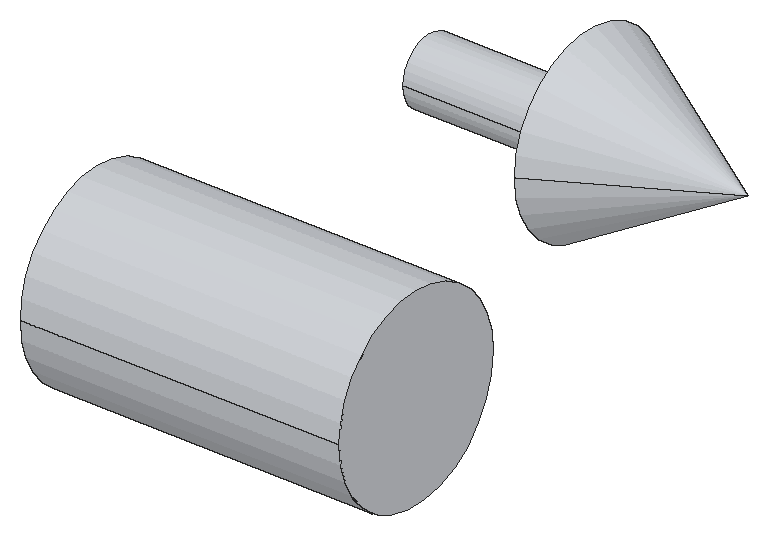
Revit family "Routing Terminate Point2020", category 機械設備, Revit 2020
Family settings
  丸型コネクタ寸法 = 直径を使用
  種別 = なし
  パーツ タイプ = 標準
  作業面ベース = いいえ
  常に垂直 = はい
  ロード時にボイドで切り取り = いいえ
  共有 = いいえ
  部屋計算ポイント = いいえ
Parameters
  既定の高さ = 0 mm
  Arent-RoundDuct-MarkupDiameter [instance] = [Arent-RoundDuct-Diameter] + 20 mm  # 30.2 mm
  Arent-RoundDuct-Diameter [instance] = 10.2 mm
Reference planes
  plane 1 "中心(正面/背面)": y = 0
  plane 2: z = 0
  plane 3 "中心(左/右)": x = 0
  plane 4: y = -65.1
  plane 5: y = -50
  plane 6: y = -80.2
  plane 7: z = 14.48
  plane 8: z = -14.48
  plane 9: x = -25
  plane 10: x = 25
Forms (mm)
  Revolve 1, solid
    sketch origin (-5.022, 0, 0) x (1, 0, 0) y (0, 1, 0)
      loop
        line (30.103, 0) -> (-19.978, 0) -> (-19.978, -5.1) -> (5.022, -5.1) -> (5.022, -14.48) -> (30.103, 0)
      axis (-19.978, 0) -> (30.103, 0)
    angle from 0 to 360
  Extrusion 2, solid
    sketch origin (0, 0, -5) x (0, 1, 0) y (0, 0, 1)
      loop
        circle (-65.1, 5.042) r 15.1
    from -25 to 25
Dimensions and locks
  equal spacing: plane 5, plane 4, plane 6
  "Arent-RoundDuct-MarkupDiameter": plane 5 to plane 6
  plane 1 "中心(正面/背面)" to plane 5 = 50 mm
  "Arent-RoundDuct-MarkupDiameter": diameter of Extrusion 2 sketch curve
  aligned and locked: level to plane 2
Automatic sketch dimensions
  plane 1 "中心(正面/背面)" to Revolve 1 sketch curve = 0 mm  (x2)
  Revolve 1 sketch curve to plane 9 = 0 mm
  Revolve 1 sketch curve to plane 3 "中心(左/右)" = 0 mm
  plane 1 "中心(正面/背面)" to Revolve 1 sketch curve = 5.1 mm
  Revolve 1 sketch curve to Revolve 1 sketch curve = 9.38 mm
  Revolve 1 sketch curve to Revolve 1 sketch curve = 10.125 mm
  Revolve 1 sketch curve to Revolve 1 sketch curve = 0 mm
  plane 10 to Revolve 1 sketch curve = 0.081 mm
  Extrusion 2 sketch curve to plane 4 = 0 mm
  level to Extrusion 2 sketch curve = 0.042 mm
